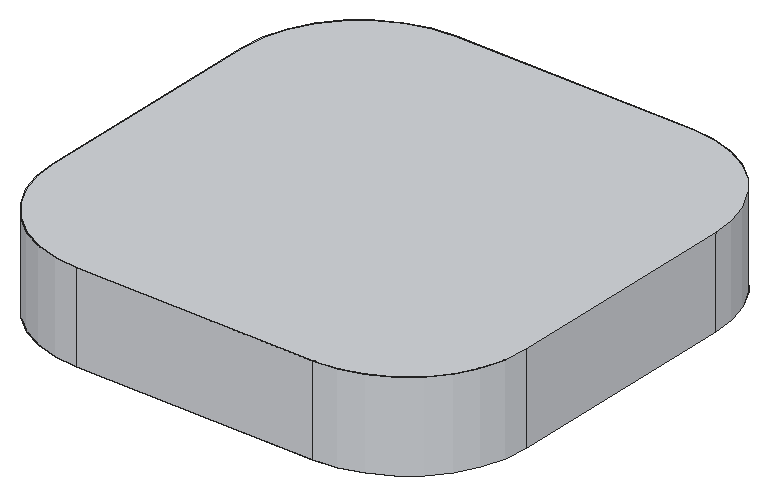
Revit family "FK038-16 x16 x X", category Furniture, Revit 2019
Family settings
  OmniClass Number = 23.40.20.00
  OmniClass Title = General Furniture and Specialties
  Work Plane-Based = No
  Always vertical = Yes
  Cut with Voids When Loaded = No
  Shared = No
  Room Calculation Point = No
Parameters (values of type "FK038-16x16x3-Z")
  URL = "https://fomcore.com/"
  Type Comments = "Square Lily Pad"  # constant formula
  Seat = none
  Salvage or Reuse = yes
  Percentage of Recycled Content = 0
  Model = "FK038-16x16x3-Z"
  Manufacturer = "Fomcore"  # constant formula
  Low Emitting Material = yes
  Low Emitting Finish = yes
  Keynote = ""
  H = 3"
  Description = "3\" Square Lily Pad, 16\"Lx16\"Wx3\"H, Zippered (Minimum Order of 10 Quantity)"
  Cost = 0
  Side = none
  Assembly Code = ""
Types (3): name | Model | H | Description
  (no name) | "FK038-16x16x3-Z" | 3" | "3\" Square Lily Pad, 16\"Lx16\"Wx3\"H, Zippered (Minimum Order of 10 Quantity)"
  FK038-16x16x6-Z | "FK038-16x16x6-Z" | 6" | "6\" Square Lily Pad, 16\"Lx16\"Wx6\"H, Zippered (Minimum Order of 5 Quantity)"
  FK038-16x16x3-Z | "FK038-16x16x3-Z" | 3" | "3\" Square Lily Pad, 16\"Lx16\"Wx3\"H, Zippered (Minimum Order of 10 Quantity)"
Reference planes (in)
  plane 1: z = 0
  plane 2: x = -42.75
  plane 3: y = 22.5
  plane 4: z = 3
  plane 5: z = 2.64851
  plane 6: z = 0.25
Forms (in)
  Blend 1, solid, material <- "Seat"
    base sketch origin (0, -0.00006, 22.50005) x (1, 0, 0) y (0, 1, 0)
      loop
        line (-50.25, 26.50006) -> (-50.25, 18.50006)
        arc (-50.25, 18.50006) -> (-49.22487, 16.02519) -> (-46.75, 15.00006) r 3.5
        line (-46.75, 15.00006) -> (-38.75, 15.00006)
        arc (-38.75, 15.00006) -> (-36.27513, 16.02519) -> (-35.25, 18.50006) r 3.5
        line (-35.25, 18.50006) -> (-35.25, 26.50006)
        arc (-35.25, 26.50006) -> (-36.27513, 28.97494) -> (-38.75, 30.00006) r 3.5
        line (-38.75, 30.00006) -> (-46.75, 30.00006)
        arc (-46.75, 30.00006) -> (-49.22487, 28.97494) -> (-50.25, 26.50006) r 3.5
    top sketch origin (0, -0.00006, 22.50005) x (1, 0, 0) y (0, 1, 0)
      loop
        arc (-38.75, 14.50006) -> (-35.92157, 15.67164) -> (-34.75, 18.50006) r 4
        line (-34.75, 18.50006) -> (-34.75, 26.50006)
        arc (-34.75, 26.50006) -> (-35.92157, 29.32849) -> (-38.75, 30.50006) r 4
        line (-38.75, 30.50006) -> (-46.75, 30.50006)
        arc (-46.75, 30.50006) -> (-49.57843, 29.32849) -> (-50.75, 26.50006) r 4
        line (-50.75, 26.50006) -> (-50.75, 18.50006)
        arc (-50.75, 18.50006) -> (-49.57843, 15.67164) -> (-46.75, 14.50006) r 4
        line (-46.75, 14.50006) -> (-38.75, 14.50006)
    from -19.85153 to -19.50005
  Blend 2, solid, material <- "Seat"
    base sketch origin (0, -0.00006, 16.99994) x (0, -1, 0) y (1, 0, 0)
      loop
        line (-30.00006, -38.75) -> (-30.00006, -46.75)
        arc (-30.00006, -46.75) -> (-28.97494, -49.22487) -> (-26.50006, -50.25) r 3.5
        line (-26.50006, -50.25) -> (-18.50006, -50.25)
        arc (-18.50006, -50.25) -> (-16.02519, -49.22487) -> (-15.00006, -46.75) r 3.5
        line (-15.00006, -46.75) -> (-15.00006, -38.75)
        arc (-15.00006, -38.75) -> (-16.02519, -36.27513) -> (-18.50006, -35.25) r 3.5
        line (-18.50006, -35.25) -> (-26.50006, -35.25)
        arc (-26.50006, -35.25) -> (-28.97494, -36.27513) -> (-30.00006, -38.75) r 3.5
    top sketch origin (0, -0.00006, 16.99994) x (0, -1, 0) y (1, 0, 0)
      loop
        line (-26.50006, -50.75) -> (-18.50006, -50.75)
        arc (-18.50006, -50.75) -> (-15.67164, -49.57843) -> (-14.50006, -46.75) r 4
        line (-14.50006, -46.75) -> (-14.50006, -38.75)
        arc (-14.50006, -38.75) -> (-15.67164, -35.92157) -> (-18.50006, -34.75) r 4
        line (-18.50006, -34.75) -> (-26.50006, -34.75)
        arc (-26.50006, -34.75) -> (-29.32849, -35.92157) -> (-30.50006, -38.75) r 4
        line (-30.50006, -38.75) -> (-30.50006, -46.75)
        arc (-30.50006, -46.75) -> (-29.32849, -49.57843) -> (-26.50006, -50.75) r 4
    from -16.74994 to -16.99994
  Sweep 3, solid, material <- "Side"
    path origin (0, -0.00006, 3) x (1, 0, 0) y (0, 1, 0)
      loop
        line (-34.75, 18.50006) -> (-34.75, 26.50006)
        arc (-34.75, 26.50006) -> (-35.92157, 29.32849) -> (-38.75, 30.50006) r 4
        line (-38.75, 30.50006) -> (-46.75, 30.50006)
        arc (-46.75, 30.50006) -> (-49.57843, 29.32849) -> (-50.75, 26.50006) r 4
        line (-50.75, 26.50006) -> (-50.75, 18.50006)
        arc (-50.75, 18.50006) -> (-49.57843, 15.67164) -> (-46.75, 14.50006) r 4
        line (-46.75, 14.50006) -> (-38.75, 14.50006)
        arc (-38.75, 14.50006) -> (-35.92157, 15.67164) -> (-34.75, 18.50006) r 4
    profile origin (-34.75, 22.5, 3) x (-1, 0, 0) y (0, 0, 1)
      loop
        line (0, 0) -> (0, -3) -> (0.25, -2.75) -> (0.5, -2.75) -> (0.5, -0.35149) -> (0, 0)
Dimensions and locks (in)
  locked: plane 4 to plane 5 at 0.35149
  "H": plane 4 to level
  locked: plane 6 to level at 0.25
  aligned and locked: level to plane 1
  aligned and locked: Blend 1 to plane 4
  aligned and locked: Blend 1 to plane 5
  aligned and locked: plane 4 to Sweep 3 sketch curve
  aligned and locked: Sweep 3 sketch curve to plane 6
Automatic sketch dimensions
  Blend 1 sketch curve to plane 2 = 7 1/2"
  Blend 1 sketch curve to Blend 1 sketch curve = 3 1/2"  (x2)
  Blend 1 sketch curve to plane 2 = 4"  (x3)
  plane 2 to Blend 1 sketch curve = 4"  (x4)
  Blend 1 sketch curve to plane 3 = 7 1/2"
  plane 3 to Blend 1 sketch curve = 4"  (x2)
  Blend 1 sketch curve to plane 2 = 8"
  Blend 1 sketch curve to Blend 1 sketch curve = 4"
  Blend 1 sketch curve to plane 3 = 8"
  Blend 2 sketch curve to plane 2 = 4"
  plane 3 to Blend 2 sketch curve = 7 1/2"
  plane 3 to Blend 2 sketch curve = 4"  (x3)
  Blend 2 sketch curve to Blend 2 sketch curve = 3 1/2"  (x2)
  Blend 2 sketch curve to plane 3 = 4"  (x4)
  plane 2 to Blend 2 sketch curve = 4"  (x2)
  plane 3 to Blend 2 sketch curve = 8"
  Blend 2 sketch curve to Blend 2 sketch curve = 4"
  Blend 2 sketch curve to plane 2 = 8"
  Sweep 3 sketch curve to Blend 1 = 4"  (x3)
  Sweep 3 sketch curve to Blend 1 = 0"  (x2)
  Sweep 3 sketch curve to profile plane = 0"
  Sweep 3 sketch curve to profile plane = 1/2"
  Sweep 3 sketch curve to profile plane = 0.35149"
  Sweep 3 sketch curve to Sweep 3 sketch curve = 1/4"
  Sweep 3 sketch curve to profile plane = 1/4"
  radius of Sweep 3 sketch curve to Blend 1 = 0"
